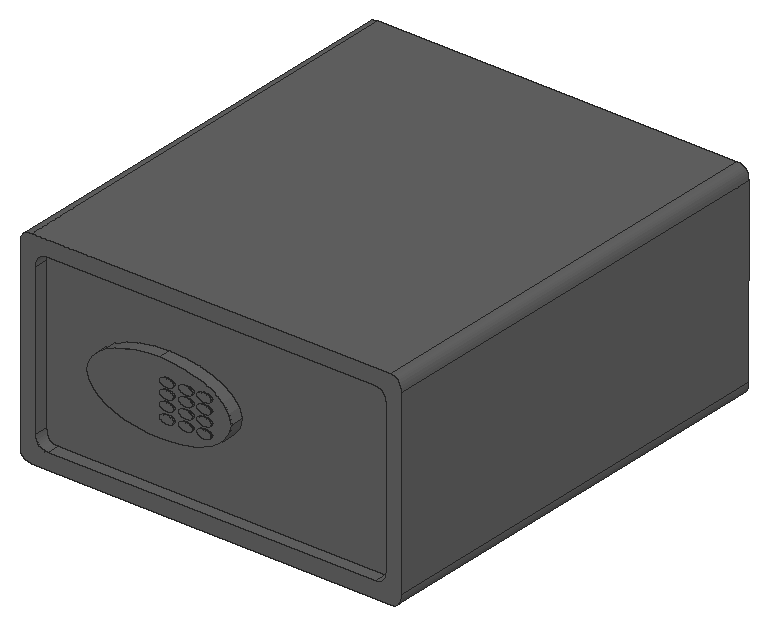
Revit family "DEHS0002", category Generic Models, Revit 2017
Family settings
  Can host rebar = No
  Round Connector Dimension = Use Diameter
  Part Type = Normal
  Work Plane-Based = No
  Always vertical = Yes
  Cut with Voids When Loaded = No
  Shared = No
  Room Calculation Point = No
Parameters
  Website = "https://dolphy.in/"  # constant formula
  Model = ""
  Contact number = "+91 9520202035"  # constant formula
  Contact email = "info@dolphy.in"  # constant formula
  Company name = "Dolphy India"  # constant formula
Reference planes
  plane 1 "Center (Front/Back)": y = 0
  plane 2: z = 0
  plane 3 "Center (Left/Right)": x = 0
Forms (mm)
  Extrusion 1, solid, material "STEEL"
    sketch origin (0, 0, 0) x (1, 0, 0) y (0, 0, 1)
      loop
        spline (-185, -87.673) -> (-184.926, -89.642) -> (-184.702, -91.44) -> (-184.33, -93.066) -> (-183.809, -94.521) -> (-183.14, -95.806) -> (-182.321, -96.918) -> (-181.354, -97.86) -> (-180.238, -98.63) -> (-178.973, -99.23) -> (-177.559, -99.658) -> (-175.996, -99.914) -> (-174.285, -100)
        line (-174.285, -100) -> (174.285, -100)
        spline (174.285, -100) -> (175.996, -99.914) -> (177.559, -99.658) -> (178.973, -99.23) -> (180.238, -98.63) -> (181.354, -97.86) -> (182.321, -96.918) -> (183.14, -95.806) -> (183.809, -94.521) -> (184.33, -93.066) -> (184.702, -91.44) -> (184.926, -89.642) -> (185, -87.673)
        line (185, -87.673) -> (185, 87.673)
        spline (185, 87.673) -> (184.926, 89.642) -> (184.702, 91.44) -> (184.33, 93.066) -> (183.809, 94.521) -> (183.14, 95.806) -> (182.321, 96.918) -> (181.354, 97.86) -> (180.238, 98.63) -> (178.973, 99.23) -> (177.559, 99.658) -> (175.996, 99.914) -> (174.285, 100)
        line (174.285, 100) -> (-174.285, 100)
        spline (-174.285, 100) -> (-175.996, 99.914) -> (-177.559, 99.658) -> (-178.973, 99.23) -> (-180.238, 98.63) -> (-181.354, 97.86) -> (-182.321, 96.918) -> (-183.14, 95.806) -> (-183.809, 94.521) -> (-184.33, 93.066) -> (-184.702, 91.44) -> (-184.926, 89.642) -> (-185, 87.673)
        line (-185, 87.673) -> (-185, -87.673)
    from 0 to 420
  Extrusion 2, void
    sketch origin (0, 0, 0) x (1, 0, 0) y (0, 0, 1)
      loop
        spline (-158.505, 85) -> (-160.341, 84.914) -> (-162.017, 84.658) -> (-163.534, 84.23) -> (-164.891, 83.63) -> (-166.089, 82.86) -> (-167.126, 81.918) -> (-168.004, 80.806) -> (-168.723, 79.521) -> (-169.282, 78.066) -> (-169.681, 76.44) -> (-169.92, 74.642) -> (-170, 72.673)
        line (-170, 72.673) -> (-170, -72.673)
        spline (-170, -72.673) -> (-169.92, -74.642) -> (-169.681, -76.44) -> (-169.282, -78.066) -> (-168.723, -79.521) -> (-168.004, -80.806) -> (-167.126, -81.918) -> (-166.089, -82.86) -> (-164.891, -83.63) -> (-163.534, -84.23) -> (-162.017, -84.658) -> (-160.341, -84.914) -> (-158.505, -85)
        line (-158.505, -85) -> (158.505, -85)
        spline (158.505, -85) -> (160.341, -84.914) -> (162.017, -84.658) -> (163.534, -84.23) -> (164.891, -83.63) -> (166.089, -82.86) -> (167.126, -81.918) -> (168.004, -80.806) -> (168.723, -79.521) -> (169.282, -78.066) -> (169.681, -76.44) -> (169.92, -74.642) -> (170, -72.673)
        line (170, -72.673) -> (170, 72.673)
        spline (170, 72.673) -> (169.92, 74.642) -> (169.681, 76.44) -> (169.282, 78.066) -> (168.723, 79.521) -> (168.004, 80.806) -> (167.126, 81.918) -> (166.089, 82.86) -> (164.891, 83.63) -> (163.534, 84.23) -> (162.017, 84.658) -> (160.341, 84.914) -> (158.505, 85)
        line (158.505, 85) -> (-158.505, 85)
    from 407.347 to 491.218
  Extrusion 3, solid, material "STEEL"
    sketch origin (10, 0, -15) x (1, 0, 0) y (0, 0, 1)
      loop
        spline (-130.11, 16.113) -> (-129.081, 10.773) -> (-126.836, 5.832) -> (-123.477, 1.303) -> (-119.108, -2.802) -> (-113.831, -6.471) -> (-107.749, -9.69) -> (-100.965, -12.449) -> (-93.581, -14.733) -> (-85.701, -16.532) -> (-77.428, -17.832) -> (-68.863, -18.621) -> (-60.11, -18.887)
        spline (-60.11, -18.887) -> (-51.358, -18.621) -> (-42.793, -17.832) -> (-34.52, -16.532) -> (-26.64, -14.733) -> (-19.256, -12.449) -> (-12.472, -9.69) -> (-6.39, -6.471) -> (-1.113, -2.802) -> (3.256, 1.303) -> (6.615, 5.832) -> (8.86, 10.773) -> (9.89, 16.113)
        spline (9.89, 16.113) -> (8.86, 21.453) -> (6.615, 26.393) -> (3.256, 30.923) -> (-1.113, 35.028) -> (-6.39, 38.696) -> (-12.472, 41.916) -> (-19.256, 44.674) -> (-26.64, 46.959) -> (-34.52, 48.758) -> (-42.793, 50.058) -> (-51.358, 50.847) -> (-60.11, 51.113)
        spline (-60.11, 51.113) -> (-68.863, 50.847) -> (-77.428, 50.058) -> (-85.701, 48.758) -> (-93.581, 46.959) -> (-100.965, 44.674) -> (-107.749, 41.916) -> (-113.831, 38.696) -> (-119.108, 35.028) -> (-123.477, 30.923) -> (-126.836, 26.393) -> (-129.081, 21.453) -> (-130.11, 16.113)
    from 407.347 to 420
  Extrusion 4, solid, material "STEEL"
    sketch origin (0, 0, 0) x (1, 0, 0) y (0, 0, 1)
      loop
        spline (-48.788, 17.218) -> (-48.68, 16.636) -> (-48.446, 16.098) -> (-48.1, 15.607) -> (-47.652, 15.164) -> (-47.113, 14.768) -> (-46.497, 14.422) -> (-45.814, 14.127) -> (-45.076, 13.883) -> (-44.295, 13.691) -> (-43.481, 13.553) -> (-42.648, 13.469) -> (-41.806, 13.441)
        spline (-41.806, 13.441) -> (-40.965, 13.469) -> (-40.132, 13.553) -> (-39.318, 13.691) -> (-38.537, 13.883) -> (-37.799, 14.127) -> (-37.116, 14.422) -> (-36.5, 14.768) -> (-35.961, 15.164) -> (-35.513, 15.607) -> (-35.167, 16.098) -> (-34.933, 16.636) -> (-34.825, 17.218)
        spline (-34.825, 17.218) -> (-34.933, 17.801) -> (-35.167, 18.338) -> (-35.513, 18.829) -> (-35.961, 19.273) -> (-36.5, 19.668) -> (-37.116, 20.014) -> (-37.799, 20.309) -> (-38.537, 20.554) -> (-39.318, 20.745) -> (-40.132, 20.883) -> (-40.965, 20.967) -> (-41.806, 20.995)
        spline (-41.806, 20.995) -> (-42.648, 20.967) -> (-43.481, 20.883) -> (-44.295, 20.745) -> (-45.076, 20.554) -> (-45.814, 20.309) -> (-46.497, 20.014) -> (-47.113, 19.668) -> (-47.652, 19.273) -> (-48.1, 18.829) -> (-48.446, 18.338) -> (-48.68, 17.801) -> (-48.788, 17.218)
      loop
        spline (-30.434, 17.218) -> (-30.325, 16.636) -> (-30.092, 16.098) -> (-29.745, 15.607) -> (-29.297, 15.164) -> (-28.759, 14.768) -> (-28.142, 14.422) -> (-27.459, 14.127) -> (-26.721, 13.883) -> (-25.94, 13.691) -> (-25.127, 13.553) -> (-24.293, 13.469) -> (-23.452, 13.441)
        spline (-23.452, 13.441) -> (-22.61, 13.469) -> (-21.777, 13.553) -> (-20.964, 13.691) -> (-20.182, 13.883) -> (-19.444, 14.127) -> (-18.761, 14.422) -> (-18.145, 14.768) -> (-17.607, 15.164) -> (-17.159, 15.607) -> (-16.812, 16.098) -> (-16.578, 16.636) -> (-16.47, 17.218)
        spline (-16.47, 17.218) -> (-16.578, 17.801) -> (-16.812, 18.338) -> (-17.159, 18.829) -> (-17.607, 19.273) -> (-18.145, 19.668) -> (-18.761, 20.014) -> (-19.444, 20.309) -> (-20.182, 20.554) -> (-20.964, 20.745) -> (-21.777, 20.883) -> (-22.61, 20.967) -> (-23.452, 20.995)
        spline (-23.452, 20.995) -> (-24.293, 20.967) -> (-25.127, 20.883) -> (-25.94, 20.745) -> (-26.721, 20.554) -> (-27.459, 20.309) -> (-28.142, 20.014) -> (-28.759, 19.668) -> (-29.297, 19.273) -> (-29.745, 18.829) -> (-30.092, 18.338) -> (-30.325, 17.801) -> (-30.434, 17.218)
      loop
        spline (-12.609, 17.218) -> (-12.5, 16.636) -> (-12.267, 16.098) -> (-11.92, 15.607) -> (-11.472, 15.164) -> (-10.934, 14.768) -> (-10.318, 14.422) -> (-9.634, 14.127) -> (-8.896, 13.883) -> (-8.115, 13.691) -> (-7.302, 13.553) -> (-6.469, 13.469) -> (-5.627, 13.441)
        spline (-5.627, 13.441) -> (-4.785, 13.469) -> (-3.952, 13.553) -> (-3.139, 13.691) -> (-2.357, 13.883) -> (-1.619, 14.127) -> (-0.936, 14.422) -> (-0.32, 14.768) -> (0.218, 15.164) -> (0.666, 15.607) -> (1.013, 16.098) -> (1.246, 16.636) -> (1.355, 17.218)
        spline (1.355, 17.218) -> (1.246, 17.801) -> (1.013, 18.338) -> (0.666, 18.829) -> (0.218, 19.273) -> (-0.32, 19.668) -> (-0.936, 20.014) -> (-1.619, 20.309) -> (-2.357, 20.554) -> (-3.139, 20.745) -> (-3.952, 20.883) -> (-4.785, 20.967) -> (-5.627, 20.995)
        spline (-5.627, 20.995) -> (-6.469, 20.967) -> (-7.302, 20.883) -> (-8.115, 20.745) -> (-8.896, 20.554) -> (-9.634, 20.309) -> (-10.318, 20.014) -> (-10.934, 19.668) -> (-11.472, 19.273) -> (-11.92, 18.829) -> (-12.267, 18.338) -> (-12.5, 17.801) -> (-12.609, 17.218)
      loop
        spline (-48.788, 6.872) -> (-48.68, 6.29) -> (-48.446, 5.752) -> (-48.1, 5.262) -> (-47.652, 4.818) -> (-47.113, 4.422) -> (-46.497, 4.077) -> (-45.814, 3.781) -> (-45.076, 3.537) -> (-44.295, 3.345) -> (-43.481, 3.207) -> (-42.648, 3.123) -> (-41.806, 3.095)
        spline (-41.806, 3.095) -> (-40.965, 3.123) -> (-40.132, 3.207) -> (-39.318, 3.345) -> (-38.537, 3.537) -> (-37.799, 3.781) -> (-37.116, 4.077) -> (-36.5, 4.422) -> (-35.961, 4.818) -> (-35.513, 5.262) -> (-35.167, 5.752) -> (-34.933, 6.29) -> (-34.825, 6.872)
        spline (-34.825, 6.872) -> (-34.933, 7.455) -> (-35.167, 7.992) -> (-35.513, 8.483) -> (-35.961, 8.927) -> (-36.5, 9.322) -> (-37.116, 9.668) -> (-37.799, 9.963) -> (-38.537, 10.208) -> (-39.318, 10.399) -> (-40.132, 10.538) -> (-40.965, 10.621) -> (-41.806, 10.649)
        spline (-41.806, 10.649) -> (-42.648, 10.621) -> (-43.481, 10.538) -> (-44.295, 10.399) -> (-45.076, 10.208) -> (-45.814, 9.963) -> (-46.497, 9.668) -> (-47.113, 9.322) -> (-47.652, 8.927) -> (-48.1, 8.483) -> (-48.446, 7.992) -> (-48.68, 7.455) -> (-48.788, 6.872)
      loop
        spline (-30.434, 6.872) -> (-30.325, 6.29) -> (-30.092, 5.752) -> (-29.745, 5.262) -> (-29.297, 4.818) -> (-28.759, 4.422) -> (-28.142, 4.077) -> (-27.459, 3.781) -> (-26.721, 3.537) -> (-25.94, 3.345) -> (-25.127, 3.207) -> (-24.293, 3.123) -> (-23.452, 3.095)
        spline (-23.452, 3.095) -> (-22.61, 3.123) -> (-21.777, 3.207) -> (-20.964, 3.345) -> (-20.182, 3.537) -> (-19.444, 3.781) -> (-18.761, 4.077) -> (-18.145, 4.422) -> (-17.607, 4.818) -> (-17.159, 5.262) -> (-16.812, 5.752) -> (-16.578, 6.29) -> (-16.47, 6.872)
        spline (-16.47, 6.872) -> (-16.578, 7.455) -> (-16.812, 7.992) -> (-17.159, 8.483) -> (-17.607, 8.927) -> (-18.145, 9.322) -> (-18.761, 9.668) -> (-19.444, 9.963) -> (-20.182, 10.208) -> (-20.964, 10.399) -> (-21.777, 10.538) -> (-22.61, 10.621) -> (-23.452, 10.649)
        spline (-23.452, 10.649) -> (-24.293, 10.621) -> (-25.127, 10.538) -> (-25.94, 10.399) -> (-26.721, 10.208) -> (-27.459, 9.963) -> (-28.142, 9.668) -> (-28.759, 9.322) -> (-29.297, 8.927) -> (-29.745, 8.483) -> (-30.092, 7.992) -> (-30.325, 7.455) -> (-30.434, 6.872)
      loop
        spline (-12.609, 6.872) -> (-12.5, 6.29) -> (-12.267, 5.752) -> (-11.92, 5.262) -> (-11.472, 4.818) -> (-10.934, 4.422) -> (-10.318, 4.077) -> (-9.634, 3.781) -> (-8.896, 3.537) -> (-8.115, 3.345) -> (-7.302, 3.207) -> (-6.469, 3.123) -> (-5.627, 3.095)
        spline (-5.627, 3.095) -> (-4.785, 3.123) -> (-3.952, 3.207) -> (-3.139, 3.345) -> (-2.357, 3.537) -> (-1.619, 3.781) -> (-0.936, 4.077) -> (-0.32, 4.422) -> (0.218, 4.818) -> (0.666, 5.262) -> (1.013, 5.752) -> (1.246, 6.29) -> (1.355, 6.872)
        spline (1.355, 6.872) -> (1.246, 7.455) -> (1.013, 7.992) -> (0.666, 8.483) -> (0.218, 8.927) -> (-0.32, 9.322) -> (-0.936, 9.668) -> (-1.619, 9.963) -> (-2.357, 10.208) -> (-3.139, 10.399) -> (-3.952, 10.538) -> (-4.785, 10.621) -> (-5.627, 10.649)
        spline (-5.627, 10.649) -> (-6.469, 10.621) -> (-7.302, 10.538) -> (-8.115, 10.399) -> (-8.896, 10.208) -> (-9.634, 9.963) -> (-10.318, 9.668) -> (-10.934, 9.322) -> (-11.472, 8.927) -> (-11.92, 8.483) -> (-12.267, 7.992) -> (-12.5, 7.455) -> (-12.609, 6.872)
      loop
        spline (-48.788, -3.696) -> (-48.68, -4.279) -> (-48.446, -4.816) -> (-48.1, -5.307) -> (-47.652, -5.751) -> (-47.113, -6.146) -> (-46.497, -6.492) -> (-45.814, -6.788) -> (-45.076, -7.032) -> (-44.295, -7.223) -> (-43.481, -7.362) -> (-42.648, -7.445) -> (-41.806, -7.473)
        spline (-41.806, -7.473) -> (-40.965, -7.445) -> (-40.132, -7.362) -> (-39.318, -7.223) -> (-38.537, -7.032) -> (-37.799, -6.788) -> (-37.116, -6.492) -> (-36.5, -6.146) -> (-35.961, -5.751) -> (-35.513, -5.307) -> (-35.167, -4.816) -> (-34.933, -4.279) -> (-34.825, -3.696)
        spline (-34.825, -3.696) -> (-34.933, -3.114) -> (-35.167, -2.577) -> (-35.513, -2.086) -> (-35.961, -1.642) -> (-36.5, -1.247) -> (-37.116, -0.901) -> (-37.799, -0.605) -> (-38.537, -0.361) -> (-39.318, -0.169) -> (-40.132, -0.031) -> (-40.965, 0.053) -> (-41.806, 0.081)
        spline (-41.806, 0.081) -> (-42.648, 0.053) -> (-43.481, -0.031) -> (-44.295, -0.169) -> (-45.076, -0.361) -> (-45.814, -0.605) -> (-46.497, -0.901) -> (-47.113, -1.247) -> (-47.652, -1.642) -> (-48.1, -2.086) -> (-48.446, -2.577) -> (-48.68, -3.114) -> (-48.788, -3.696)
      loop
        spline (-30.434, -3.696) -> (-30.325, -4.279) -> (-30.092, -4.816) -> (-29.745, -5.307) -> (-29.297, -5.751) -> (-28.759, -6.146) -> (-28.142, -6.492) -> (-27.459, -6.788) -> (-26.721, -7.032) -> (-25.94, -7.223) -> (-25.127, -7.362) -> (-24.293, -7.445) -> (-23.452, -7.473)
        spline (-23.452, -7.473) -> (-22.61, -7.445) -> (-21.777, -7.362) -> (-20.964, -7.223) -> (-20.182, -7.032) -> (-19.444, -6.788) -> (-18.761, -6.492) -> (-18.145, -6.146) -> (-17.607, -5.751) -> (-17.159, -5.307) -> (-16.812, -4.816) -> (-16.578, -4.279) -> (-16.47, -3.696)
        spline (-16.47, -3.696) -> (-16.578, -3.114) -> (-16.812, -2.577) -> (-17.159, -2.086) -> (-17.607, -1.642) -> (-18.145, -1.247) -> (-18.761, -0.901) -> (-19.444, -0.605) -> (-20.182, -0.361) -> (-20.964, -0.169) -> (-21.777, -0.031) -> (-22.61, 0.053) -> (-23.452, 0.081)
        spline (-23.452, 0.081) -> (-24.293, 0.053) -> (-25.127, -0.031) -> (-25.94, -0.169) -> (-26.721, -0.361) -> (-27.459, -0.605) -> (-28.142, -0.901) -> (-28.759, -1.247) -> (-29.297, -1.642) -> (-29.745, -2.086) -> (-30.092, -2.577) -> (-30.325, -3.114) -> (-30.434, -3.696)
      loop
        spline (-12.609, -3.696) -> (-12.5, -4.279) -> (-12.267, -4.816) -> (-11.92, -5.307) -> (-11.472, -5.751) -> (-10.934, -6.146) -> (-10.318, -6.492) -> (-9.634, -6.788) -> (-8.896, -7.032) -> (-8.115, -7.223) -> (-7.302, -7.362) -> (-6.469, -7.445) -> (-5.627, -7.473)
        spline (-5.627, -7.473) -> (-4.785, -7.445) -> (-3.952, -7.362) -> (-3.139, -7.223) -> (-2.357, -7.032) -> (-1.619, -6.788) -> (-0.936, -6.492) -> (-0.32, -6.146) -> (0.218, -5.751) -> (0.666, -5.307) -> (1.013, -4.816) -> (1.246, -4.279) -> (1.355, -3.696)
        spline (1.355, -3.696) -> (1.246, -3.114) -> (1.013, -2.577) -> (0.666, -2.086) -> (0.218, -1.642) -> (-0.32, -1.247) -> (-0.936, -0.901) -> (-1.619, -0.605) -> (-2.357, -0.361) -> (-3.139, -0.169) -> (-3.952, -0.031) -> (-4.785, 0.053) -> (-5.627, 0.081)
        spline (-5.627, 0.081) -> (-6.469, 0.053) -> (-7.302, -0.031) -> (-8.115, -0.169) -> (-8.896, -0.361) -> (-9.634, -0.605) -> (-10.318, -0.901) -> (-10.934, -1.247) -> (-11.472, -1.642) -> (-11.92, -2.086) -> (-12.267, -2.577) -> (-12.5, -3.114) -> (-12.609, -3.696)
      loop
        spline (-48.788, -14.598) -> (-48.68, -15.181) -> (-48.446, -15.718) -> (-48.1, -16.209) -> (-47.652, -16.653) -> (-47.113, -17.048) -> (-46.497, -17.394) -> (-45.814, -17.69) -> (-45.076, -17.934) -> (-44.295, -18.126) -> (-43.481, -18.264) -> (-42.648, -18.347) -> (-41.806, -18.376)
        spline (-41.806, -18.376) -> (-40.965, -18.347) -> (-40.132, -18.264) -> (-39.318, -18.126) -> (-38.537, -17.934) -> (-37.799, -17.69) -> (-37.116, -17.394) -> (-36.5, -17.048) -> (-35.961, -16.653) -> (-35.513, -16.209) -> (-35.167, -15.718) -> (-34.933, -15.181) -> (-34.825, -14.598)
        spline (-34.825, -14.598) -> (-34.933, -14.016) -> (-35.167, -13.479) -> (-35.513, -12.988) -> (-35.961, -12.544) -> (-36.5, -12.149) -> (-37.116, -11.803) -> (-37.799, -11.507) -> (-38.537, -11.263) -> (-39.318, -11.071) -> (-40.132, -10.933) -> (-40.965, -10.849) -> (-41.806, -10.821)
        spline (-41.806, -10.821) -> (-42.648, -10.849) -> (-43.481, -10.933) -> (-44.295, -11.071) -> (-45.076, -11.263) -> (-45.814, -11.507) -> (-46.497, -11.803) -> (-47.113, -12.149) -> (-47.652, -12.544) -> (-48.1, -12.988) -> (-48.446, -13.479) -> (-48.68, -14.016) -> (-48.788, -14.598)
      loop
        spline (-30.434, -14.598) -> (-30.325, -15.181) -> (-30.092, -15.718) -> (-29.745, -16.209) -> (-29.297, -16.653) -> (-28.759, -17.048) -> (-28.142, -17.394) -> (-27.459, -17.69) -> (-26.721, -17.934) -> (-25.94, -18.126) -> (-25.127, -18.264) -> (-24.293, -18.347) -> (-23.452, -18.376)
        spline (-23.452, -18.376) -> (-22.61, -18.347) -> (-21.777, -18.264) -> (-20.964, -18.126) -> (-20.182, -17.934) -> (-19.444, -17.69) -> (-18.761, -17.394) -> (-18.145, -17.048) -> (-17.607, -16.653) -> (-17.159, -16.209) -> (-16.812, -15.718) -> (-16.578, -15.181) -> (-16.47, -14.598)
        spline (-16.47, -14.598) -> (-16.578, -14.016) -> (-16.812, -13.479) -> (-17.159, -12.988) -> (-17.607, -12.544) -> (-18.145, -12.149) -> (-18.761, -11.803) -> (-19.444, -11.507) -> (-20.182, -11.263) -> (-20.964, -11.071) -> (-21.777, -10.933) -> (-22.61, -10.849) -> (-23.452, -10.821)
        spline (-23.452, -10.821) -> (-24.293, -10.849) -> (-25.127, -10.933) -> (-25.94, -11.071) -> (-26.721, -11.263) -> (-27.459, -11.507) -> (-28.142, -11.803) -> (-28.759, -12.149) -> (-29.297, -12.544) -> (-29.745, -12.988) -> (-30.092, -13.479) -> (-30.325, -14.016) -> (-30.434, -14.598)
      loop
        spline (-12.609, -14.598) -> (-12.5, -15.181) -> (-12.267, -15.718) -> (-11.92, -16.209) -> (-11.472, -16.653) -> (-10.934, -17.048) -> (-10.318, -17.394) -> (-9.634, -17.69) -> (-8.896, -17.934) -> (-8.115, -18.126) -> (-7.302, -18.264) -> (-6.469, -18.347) -> (-5.627, -18.376)
        spline (-5.627, -18.376) -> (-4.785, -18.347) -> (-3.952, -18.264) -> (-3.139, -18.126) -> (-2.357, -17.934) -> (-1.619, -17.69) -> (-0.936, -17.394) -> (-0.32, -17.048) -> (0.218, -16.653) -> (0.666, -16.209) -> (1.013, -15.718) -> (1.246, -15.181) -> (1.355, -14.598)
        spline (1.355, -14.598) -> (1.246, -14.016) -> (1.013, -13.479) -> (0.666, -12.988) -> (0.218, -12.544) -> (-0.32, -12.149) -> (-0.936, -11.803) -> (-1.619, -11.507) -> (-2.357, -11.263) -> (-3.139, -11.071) -> (-3.952, -10.933) -> (-4.785, -10.849) -> (-5.627, -10.821)
        spline (-5.627, -10.821) -> (-6.469, -10.849) -> (-7.302, -10.933) -> (-8.115, -11.071) -> (-8.896, -11.263) -> (-9.634, -11.507) -> (-10.318, -11.803) -> (-10.934, -12.149) -> (-11.472, -12.544) -> (-11.92, -12.988) -> (-12.267, -13.479) -> (-12.5, -14.016) -> (-12.609, -14.598)
    from 420 to 421.178
Cuts and joins
  Extrusion 2 cuts Extrusion 1
Dimensions and locks
  cut or joined group of Extrusion 1, Extrusion 2 to cut or joined group of Extrusion 1, Extrusion 2 = 370 mm
  cut or joined group of Extrusion 1, Extrusion 2 to cut or joined group of Extrusion 1, Extrusion 2 = 420 mm
  cut or joined group of Extrusion 1, Extrusion 2 to cut or joined group of Extrusion 1, Extrusion 2 = 200 mm
  aligned and locked: level to plane 2
Automatic sketch dimensions
  Extrusion 1 sketch curve to level = 87.673 mm  (x2)
  Extrusion 1 sketch curve to plane 3 "Center (Left/Right)" = 185 mm
  Extrusion 1 sketch curve to Extrusion 1 sketch curve = 10.715 mm  (x3)
  plane 3 "Center (Left/Right)" to Extrusion 1 sketch curve = 174.285 mm  (x2)
  Extrusion 1 sketch curve to Extrusion 1 sketch curve = 12.327 mm  (x2)
  level to Extrusion 1 sketch curve = 87.673 mm  (x2)
  level to Extrusion 2 sketch curve = 72.673 mm  (x2)
  Extrusion 2 sketch curve to Extrusion 2 sketch curve = 11.495 mm  (x3)
  plane 3 "Center (Left/Right)" to Extrusion 2 sketch curve = 158.505 mm  (x2)
  Extrusion 2 sketch curve to level = 72.673 mm  (x2)
  Extrusion 2 sketch curve to Extrusion 2 sketch curve = 12.327 mm  (x2)
  Extrusion 2 sketch curve to plane 3 "Center (Left/Right)" = 158.505 mm
  level to Extrusion 3 sketch curve = 1.113 mm  (x2)
  Extrusion 3 sketch curve to plane 3 "Center (Left/Right)" = 120.11 mm
  Extrusion 3 sketch curve to plane 3 "Center (Left/Right)" = 50.11 mm  (x2)
  Extrusion 3 sketch curve to level = 33.887 mm
  plane 3 "Center (Left/Right)" to Extrusion 3 sketch curve = 19.89 mm
  level to Extrusion 3 sketch curve = 36.113 mm
  Extrusion 4 sketch curve to plane 3 "Center (Left/Right)" = 48.788 mm
  Extrusion 4 sketch curve to level = 14.598 mm  (x3)
  Extrusion 4 sketch curve to Extrusion 4 sketch curve = 0 mm  (x17)
  Extrusion 4 sketch curve to level = 3.696 mm  (x6)
  level to Extrusion 4 sketch curve = 6.872 mm  (x3)
  Extrusion 4 sketch curve to Extrusion 4 sketch curve = 6.982 mm  (x14)
  level to Extrusion 4 sketch curve = 0.081 mm  (x3)
  Extrusion 4 sketch curve to level = 18.376 mm  (x2)
  Extrusion 4 sketch curve to level = 7.473 mm  (x3)
  level to Extrusion 4 sketch curve = 3.095 mm  (x2)
  Extrusion 4 sketch curve to level = 10.821 mm  (x3)
  level to Extrusion 4 sketch curve = 10.649 mm
  Extrusion 4 sketch curve to Extrusion 4 sketch curve = 4.391 mm  (x4)
  Extrusion 4 sketch curve to Extrusion 4 sketch curve = 3.861 mm  (x4)
  Extrusion 4 sketch curve to plane 3 "Center (Left/Right)" = 5.627 mm  (x8)
  plane 3 "Center (Left/Right)" to Extrusion 4 sketch curve = 1.355 mm  (x4)
  Extrusion 4 sketch curve to Extrusion 4 sketch curve = 7.554 mm  (x6)
  Extrusion 4 sketch curve to Extrusion 4 sketch curve = 3.777 mm  (x8)
  Extrusion 4 sketch curve to Extrusion 4 sketch curve = 3.014 mm
  Extrusion 4 sketch curve to Extrusion 4 sketch curve = 2.792 mm  (x3)
